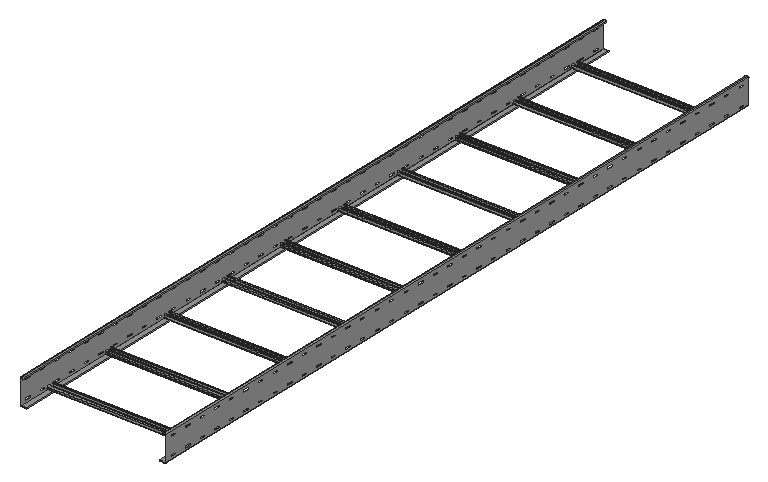
Revit family "Kabelleiter LG 116 VS 3 FT", category Generic Models, Revit 2017 (continued)
Dimensions and locks
  locked: plane 142 to Extrusion 71 sketch curve at 14
  locked: Extrusion 71 sketch curve to Extrusion 71 sketch curve at 9
  locked: plane 141 to Extrusion 71 sketch curve at 4.5
  locked: Extrusion 72 sketch curve to Extrusion 72 sketch curve at 28
  locked: plane 144 to Extrusion 72 sketch curve at 14
  locked: Extrusion 72 sketch curve to Extrusion 72 sketch curve at 9
  locked: plane 143 to Extrusion 72 sketch curve at 4.5
  locked: Extrusion 73 sketch curve to Extrusion 73 sketch curve at 28
  locked: plane 146 to Extrusion 73 sketch curve at 14
  locked: Extrusion 73 sketch curve to Extrusion 73 sketch curve at 9
  locked: plane 145 to Extrusion 73 sketch curve at 4.5
  locked: Extrusion 74 sketch curve to Extrusion 74 sketch curve at 28
  locked: plane 148 to Extrusion 74 sketch curve at 14
  locked: Extrusion 74 sketch curve to Extrusion 74 sketch curve at 9
  locked: plane 147 to Extrusion 74 sketch curve at 4.5
  locked: Extrusion 75 sketch curve to Extrusion 75 sketch curve at 28
  locked: plane 150 to Extrusion 75 sketch curve at 14
  locked: Extrusion 75 sketch curve to Extrusion 75 sketch curve at 9
  locked: plane 149 to Extrusion 75 sketch curve at 4.5
  locked: Extrusion 76 sketch curve to Extrusion 76 sketch curve at 28
  locked: plane 152 to Extrusion 76 sketch curve at 14
  locked: Extrusion 76 sketch curve to Extrusion 76 sketch curve at 9
  locked: plane 151 to Extrusion 76 sketch curve at 4.5
  locked: Extrusion 77 sketch curve to Extrusion 77 sketch curve at 28
  locked: plane 154 to Extrusion 77 sketch curve at 14
  locked: Extrusion 77 sketch curve to Extrusion 77 sketch curve at 9
  locked: plane 153 to Extrusion 77 sketch curve at 4.5
  locked: Extrusion 78 sketch curve to Extrusion 78 sketch curve at 28
  locked: plane 156 to Extrusion 78 sketch curve at 14
  locked: Extrusion 78 sketch curve to Extrusion 78 sketch curve at 9
  locked: plane 155 to Extrusion 78 sketch curve at 4.5
  locked: Extrusion 79 sketch curve to Extrusion 79 sketch curve at 28
  locked: plane 158 to Extrusion 79 sketch curve at 14
  locked: Extrusion 79 sketch curve to Extrusion 79 sketch curve at 9
  locked: plane 157 to Extrusion 79 sketch curve at 4.5
  locked: Extrusion 80 sketch curve to Extrusion 80 sketch curve at 28
  locked: plane 160 to Extrusion 80 sketch curve at 14
  locked: Extrusion 80 sketch curve to Extrusion 80 sketch curve at 9
  locked: plane 159 to Extrusion 80 sketch curve at 4.5
  locked: Extrusion 81 sketch curve to Extrusion 81 sketch curve at 28
  locked: plane 162 to Extrusion 81 sketch curve at 14
  locked: Extrusion 81 sketch curve to Extrusion 81 sketch curve at 9
  locked: plane 161 to Extrusion 81 sketch curve at 4.5
  locked: Extrusion 82 sketch curve to Extrusion 82 sketch curve at 28
  locked: plane 164 to Extrusion 82 sketch curve at 14
  locked: Extrusion 82 sketch curve to Extrusion 82 sketch curve at 9
  locked: plane 163 to Extrusion 82 sketch curve at 4.5
  locked: Extrusion 83 sketch curve to Extrusion 83 sketch curve at 28
  locked: plane 166 to Extrusion 83 sketch curve at 14
  locked: Extrusion 83 sketch curve to Extrusion 83 sketch curve at 9
  locked: plane 165 to Extrusion 83 sketch curve at 4.5
  locked: Extrusion 84 sketch curve to Extrusion 84 sketch curve at 28
  locked: plane 168 to Extrusion 84 sketch curve at 14
  locked: Extrusion 84 sketch curve to Extrusion 84 sketch curve at 9
  locked: plane 167 to Extrusion 84 sketch curve at 4.5
  locked: Extrusion 85 sketch curve to Extrusion 85 sketch curve at 28
  locked: plane 170 to Extrusion 85 sketch curve at 14
  locked: Extrusion 85 sketch curve to Extrusion 85 sketch curve at 9
  locked: plane 169 to Extrusion 85 sketch curve at 4.5
  locked: Extrusion 86 sketch curve to Extrusion 86 sketch curve at 28
  locked: plane 172 to Extrusion 86 sketch curve at 14
  locked: Extrusion 86 sketch curve to Extrusion 86 sketch curve at 9
  locked: plane 171 to Extrusion 86 sketch curve at 4.5
  locked: Extrusion 87 sketch curve to Extrusion 87 sketch curve at 28
  locked: plane 174 to Extrusion 87 sketch curve at 14
  locked: Extrusion 87 sketch curve to Extrusion 87 sketch curve at 9
  locked: plane 173 to Extrusion 87 sketch curve at 4.5
  locked: Extrusion 88 sketch curve to Extrusion 88 sketch curve at 28
  locked: plane 176 to Extrusion 88 sketch curve at 14
  locked: Extrusion 88 sketch curve to Extrusion 88 sketch curve at 9
  locked: plane 175 to Extrusion 88 sketch curve at 4.5
  locked: Extrusion 89 sketch curve to Extrusion 89 sketch curve at 28
  locked: plane 178 to Extrusion 89 sketch curve at 14
  locked: Extrusion 89 sketch curve to Extrusion 89 sketch curve at 9
  locked: plane 177 to Extrusion 89 sketch curve at 4.5
  locked: Extrusion 90 sketch curve to Extrusion 90 sketch curve at 28
  locked: plane 180 to Extrusion 90 sketch curve at 14
  locked: Extrusion 90 sketch curve to Extrusion 90 sketch curve at 9
  locked: plane 179 to Extrusion 90 sketch curve at 4.5
  locked: Extrusion 91 sketch curve to Extrusion 91 sketch curve at 28
  locked: plane 182 to Extrusion 91 sketch curve at 14
  locked: Extrusion 91 sketch curve to Extrusion 91 sketch curve at 9
  locked: plane 181 to Extrusion 91 sketch curve at 4.5
  cut or joined group 1 (Extrusion 1, Extrusion 12, Extrusion 13, Extrusion 14, Extrusion 15, Extrusion 16, Extrusion 17, Extrusion 18, Extrusion 19, Extrusion 20, Extrusion 21, Extrusion 22, Extrusion 23, Extrusion 24, Extrusion 25, Extrusion 26, Extrusion 27, Extrusion 28, Extrusion 29, Extrusion 30, Extrusion 31, Extrusion 32, Extrusion 33, Extrusion 34, Extrusion 35, Extrusion 36, Extrusion 37, Extrusion 38, Extrusion 39, Extrusion 40, Extrusion 41, Extrusion 42, Extrusion 43, Extrusion 44, Extrusion 45, Extrusion 46, Extrusion 47, Extrusion 48, Extrusion 49, Extrusion 50, Extrusion 51, Extrusion 52, Extrusion 53, Extrusion 54, Extrusion 55, Extrusion 56, Extrusion 57, Extrusion 58, Extrusion 59, Extrusion 60, Extrusion 61, Extrusion 62, Extrusion 63, Extrusion 64, Extrusion 65, Extrusion 66, Extrusion 67, Extrusion 68, Extrusion 69, Extrusion 70, Extrusion 71, Extrusion 72, Extrusion 73, Extrusion 74, Extrusion 75, Extrusion 76, Extrusion 77, Extrusion 78, Extrusion 79, Extrusion 80, Extrusion 81, Extrusion 82, Extrusion 83, Extrusion 84, Extrusion 85, Extrusion 86, Extrusion 87, Extrusion 88, Extrusion 89, Extrusion 90, Extrusion 91, Extrusion 92, Extrusion 93, Extrusion 94, Extrusion 95, Extrusion 96, Extrusion 97, Extrusion 98, Extrusion 99, Extrusion 100, Extrusion 101, Extrusion 102, Extrusion 103, Extrusion 104, Extrusion 105, Extrusion 106, Extrusion 107, Extrusion 108, Extrusion 109, Extrusion 110, Extrusion 111, Extrusion 112, Extrusion 113, Extrusion 114, Extrusion 115, Extrusion 116, Extrusion 117, Extrusion 118, Extrusion 119, Extrusion 120, Extrusion 121, Extrusion 122, Extrusion 123, Extrusion 124, Extrusion 125, Extrusion 126, Extrusion 127, Extrusion 128, Extrusion 129, Extrusion 130, Extrusion 131, Extrusion 132, Extrusion 133, Extrusion 134, Extrusion 135, Extrusion 136, Extrusion 137, Extrusion 138, Extrusion 139, Extrusion 140, Extrusion 141, Extrusion 142, Extrusion 143, Extrusion 144, Extrusion 145, Extrusion 146, Extrusion 147, Extrusion 148, Extrusion 149, Extrusion 150, Extrusion 151, Extrusion 152, Extrusion 153, Extrusion 154, Extrusion 155, Extrusion 156, Extrusion 157, Extrusion 158, Extrusion 159, Extrusion 160, Extrusion 161, Extrusion 162, Extrusion 163, Extrusion 164, Extrusion 165, Extrusion 166, Extrusion 167, Extrusion 168, Extrusion 169, Extrusion 170, Extrusion 171) to plane 184 = 14 mm
  locked: Extrusion 92 sketch curve to Extrusion 92 sketch curve at 9
  locked: plane 184 to Extrusion 92 sketch curve at 4.5
  locked: Extrusion 92 sketch curve to Extrusion 92 sketch curve at 28
  locked: plane 183 to Extrusion 92 sketch curve at 14
  locked: Extrusion 93 sketch curve to Extrusion 93 sketch curve at 9
  locked: plane 186 to Extrusion 93 sketch curve at 4.5
  locked: Extrusion 93 sketch curve to Extrusion 93 sketch curve at 28
  locked: plane 185 to Extrusion 93 sketch curve at 14
  locked: Extrusion 94 sketch curve to Extrusion 94 sketch curve at 9
  locked: plane 188 to Extrusion 94 sketch curve at 4.5
  locked: Extrusion 94 sketch curve to Extrusion 94 sketch curve at 28
  locked: plane 187 to Extrusion 94 sketch curve at 14
  locked: Extrusion 95 sketch curve to Extrusion 95 sketch curve at 9
  locked: plane 190 to Extrusion 95 sketch curve at 4.5
  locked: Extrusion 95 sketch curve to Extrusion 95 sketch curve at 28
  locked: plane 189 to Extrusion 95 sketch curve at 14
  equal spacing: group 41, group 42, group 43, group 44, group 45, group 46, group 47, group 48, group 49, group 50, group 51, group 52, group 53, group 54, group 55, group 56, group 57, group 58, group 59, group 60, group 61, group 62, group 63, group 64, group 65, group 66, group 67, group 68, group 69, group 70, group 71, group 72, group 73, group 74, group 75, group 76, group 77, group 78, group 79, group 80  (x3)
  locked: Extrusion 96 sketch curve to Extrusion 96 sketch curve at 9
  locked: plane 192 to Extrusion 96 sketch curve at 4.5
  locked: Extrusion 96 sketch curve to Extrusion 96 sketch curve at 28
  locked: plane 191 to Extrusion 96 sketch curve at 14
  locked: Extrusion 97 sketch curve to Extrusion 97 sketch curve at 9
  locked: plane 194 to Extrusion 97 sketch curve at 4.5
  locked: Extrusion 97 sketch curve to Extrusion 97 sketch curve at 28
  locked: plane 193 to Extrusion 97 sketch curve at 14
  locked: Extrusion 98 sketch curve to Extrusion 98 sketch curve at 9
  locked: plane 196 to Extrusion 98 sketch curve at 4.5
  locked: Extrusion 98 sketch curve to Extrusion 98 sketch curve at 28
  locked: plane 195 to Extrusion 98 sketch curve at 14
  locked: Extrusion 99 sketch curve to Extrusion 99 sketch curve at 9
  locked: plane 198 to Extrusion 99 sketch curve at 4.5
  locked: Extrusion 99 sketch curve to Extrusion 99 sketch curve at 28
  locked: plane 197 to Extrusion 99 sketch curve at 14
  locked: Extrusion 100 sketch curve to Extrusion 100 sketch curve at 9
  locked: plane 200 to Extrusion 100 sketch curve at 4.5
  locked: Extrusion 100 sketch curve to Extrusion 100 sketch curve at 28
  locked: plane 199 to Extrusion 100 sketch curve at 14
  locked: Extrusion 101 sketch curve to Extrusion 101 sketch curve at 9
  locked: plane 202 to Extrusion 101 sketch curve at 4.5
  locked: Extrusion 101 sketch curve to Extrusion 101 sketch curve at 28
  locked: plane 201 to Extrusion 101 sketch curve at 14
  locked: Extrusion 102 sketch curve to Extrusion 102 sketch curve at 9
  locked: plane 204 to Extrusion 102 sketch curve at 4.5
  locked: Extrusion 102 sketch curve to Extrusion 102 sketch curve at 28
  locked: plane 203 to Extrusion 102 sketch curve at 14
  locked: Extrusion 103 sketch curve to Extrusion 103 sketch curve at 9
  locked: plane 206 to Extrusion 103 sketch curve at 4.5
  locked: Extrusion 103 sketch curve to Extrusion 103 sketch curve at 28
  locked: plane 205 to Extrusion 103 sketch curve at 14
  locked: Extrusion 104 sketch curve to Extrusion 104 sketch curve at 9
  locked: plane 208 to Extrusion 104 sketch curve at 4.5
  locked: Extrusion 104 sketch curve to Extrusion 104 sketch curve at 28
  locked: plane 207 to Extrusion 104 sketch curve at 14
  locked: Extrusion 105 sketch curve to Extrusion 105 sketch curve at 9
  locked: plane 210 to Extrusion 105 sketch curve at 4.5
  locked: Extrusion 105 sketch curve to Extrusion 105 sketch curve at 28
  locked: plane 209 to Extrusion 105 sketch curve at 14
  locked: Extrusion 106 sketch curve to Extrusion 106 sketch curve at 9
  locked: plane 212 to Extrusion 106 sketch curve at 4.5
  locked: Extrusion 106 sketch curve to Extrusion 106 sketch curve at 28
  locked: plane 211 to Extrusion 106 sketch curve at 14
  locked: Extrusion 107 sketch curve to Extrusion 107 sketch curve at 9
  locked: plane 214 to Extrusion 107 sketch curve at 4.5
  locked: Extrusion 107 sketch curve to Extrusion 107 sketch curve at 28
  locked: plane 213 to Extrusion 107 sketch curve at 14
  locked: Extrusion 108 sketch curve to Extrusion 108 sketch curve at 9
  locked: plane 216 to Extrusion 108 sketch curve at 4.5
  locked: Extrusion 108 sketch curve to Extrusion 108 sketch curve at 28
  locked: plane 215 to Extrusion 108 sketch curve at 14
  locked: Extrusion 109 sketch curve to Extrusion 109 sketch curve at 9
  locked: plane 218 to Extrusion 109 sketch curve at 4.5
  locked: Extrusion 109 sketch curve to Extrusion 109 sketch curve at 28
  locked: plane 217 to Extrusion 109 sketch curve at 14
  locked: Extrusion 110 sketch curve to Extrusion 110 sketch curve at 9
  locked: plane 220 to Extrusion 110 sketch curve at 4.5
  locked: Extrusion 110 sketch curve to Extrusion 110 sketch curve at 28
  locked: plane 219 to Extrusion 110 sketch curve at 14
  locked: Extrusion 111 sketch curve to Extrusion 111 sketch curve at 9
  locked: plane 222 to Extrusion 111 sketch curve at 4.5
  locked: Extrusion 111 sketch curve to Extrusion 111 sketch curve at 28
  locked: plane 221 to Extrusion 111 sketch curve at 14
  locked: Extrusion 112 sketch curve to Extrusion 112 sketch curve at 9
  locked: plane 224 to Extrusion 112 sketch curve at 4.5
  locked: Extrusion 112 sketch curve to Extrusion 112 sketch curve at 28
  locked: plane 223 to Extrusion 112 sketch curve at 14
  locked: Extrusion 113 sketch curve to Extrusion 113 sketch curve at 9
  locked: plane 226 to Extrusion 113 sketch curve at 4.5
  locked: Extrusion 113 sketch curve to Extrusion 113 sketch curve at 28
  locked: plane 225 to Extrusion 113 sketch curve at 14
  locked: Extrusion 114 sketch curve to Extrusion 114 sketch curve at 9
  locked: plane 228 to Extrusion 114 sketch curve at 4.5
  locked: Extrusion 114 sketch curve to Extrusion 114 sketch curve at 28
  locked: plane 227 to Extrusion 114 sketch curve at 14
  locked: Extrusion 115 sketch curve to Extrusion 115 sketch curve at 9
  locked: plane 230 to Extrusion 115 sketch curve at 4.5
  locked: Extrusion 115 sketch curve to Extrusion 115 sketch curve at 28
  locked: plane 229 to Extrusion 115 sketch curve at 14
  locked: Extrusion 116 sketch curve to Extrusion 116 sketch curve at 9
  locked: plane 232 to Extrusion 116 sketch curve at 4.5
  locked: Extrusion 116 sketch curve to Extrusion 116 sketch curve at 28
  locked: plane 231 to Extrusion 116 sketch curve at 14
  locked: Extrusion 117 sketch curve to Extrusion 117 sketch curve at 9
  locked: plane 234 to Extrusion 117 sketch curve at 4.5
  locked: Extrusion 117 sketch curve to Extrusion 117 sketch curve at 28
  locked: plane 233 to Extrusion 117 sketch curve at 14
  locked: Extrusion 118 sketch curve to Extrusion 118 sketch curve at 9
  locked: plane 236 to Extrusion 118 sketch curve at 4.5
  locked: Extrusion 118 sketch curve to Extrusion 118 sketch curve at 28
  locked: plane 235 to Extrusion 118 sketch curve at 14
  locked: Extrusion 119 sketch curve to Extrusion 119 sketch curve at 9
  locked: plane 238 to Extrusion 119 sketch curve at 4.5
  locked: Extrusion 119 sketch curve to Extrusion 119 sketch curve at 28
  locked: plane 237 to Extrusion 119 sketch curve at 14
  locked: Extrusion 120 sketch curve to Extrusion 120 sketch curve at 9
  locked: plane 240 to Extrusion 120 sketch curve at 4.5
  locked: Extrusion 120 sketch curve to Extrusion 120 sketch curve at 28
  locked: plane 239 to Extrusion 120 sketch curve at 14
  locked: Extrusion 121 sketch curve to Extrusion 121 sketch curve at 9
  locked: plane 242 to Extrusion 121 sketch curve at 4.5
  locked: Extrusion 121 sketch curve to Extrusion 121 sketch curve at 28
  locked: plane 241 to Extrusion 121 sketch curve at 14
  locked: Extrusion 122 sketch curve to Extrusion 122 sketch curve at 9
  locked: plane 244 to Extrusion 122 sketch curve at 4.5
  locked: Extrusion 122 sketch curve to Extrusion 122 sketch curve at 28
  locked: plane 243 to Extrusion 122 sketch curve at 14
  locked: Extrusion 123 sketch curve to Extrusion 123 sketch curve at 9
  locked: plane 246 to Extrusion 123 sketch curve at 4.5
  locked: Extrusion 123 sketch curve to Extrusion 123 sketch curve at 28
  locked: plane 245 to Extrusion 123 sketch curve at 14
  locked: Extrusion 124 sketch curve to Extrusion 124 sketch curve at 9
  locked: plane 248 to Extrusion 124 sketch curve at 4.5
  locked: Extrusion 124 sketch curve to Extrusion 124 sketch curve at 28
  locked: plane 247 to Extrusion 124 sketch curve at 14
  locked: Extrusion 125 sketch curve to Extrusion 125 sketch curve at 9
  locked: plane 250 to Extrusion 125 sketch curve at 4.5
  locked: Extrusion 125 sketch curve to Extrusion 125 sketch curve at 28
  locked: plane 249 to Extrusion 125 sketch curve at 14
  locked: Extrusion 126 sketch curve to Extrusion 126 sketch curve at 9
  locked: plane 252 to Extrusion 126 sketch curve at 4.5
  locked: Extrusion 126 sketch curve to Extrusion 126 sketch curve at 28
  locked: plane 251 to Extrusion 126 sketch curve at 14
  locked: Extrusion 127 sketch curve to Extrusion 127 sketch curve at 9
  locked: plane 254 to Extrusion 127 sketch curve at 4.5
  locked: Extrusion 127 sketch curve to Extrusion 127 sketch curve at 28
  locked: plane 253 to Extrusion 127 sketch curve at 14
  locked: Extrusion 128 sketch curve to Extrusion 128 sketch curve at 9
  locked: plane 256 to Extrusion 128 sketch curve at 4.5
  locked: Extrusion 128 sketch curve to Extrusion 128 sketch curve at 28
  locked: plane 255 to Extrusion 128 sketch curve at 14
  locked: Extrusion 129 sketch curve to Extrusion 129 sketch curve at 9
  locked: plane 258 to Extrusion 129 sketch curve at 4.5
  locked: Extrusion 129 sketch curve to Extrusion 129 sketch curve at 28
  locked: plane 257 to Extrusion 129 sketch curve at 14
  locked: Extrusion 130 sketch curve to Extrusion 130 sketch curve at 9
  locked: plane 260 to Extrusion 130 sketch curve at 4.5
  locked: Extrusion 130 sketch curve to Extrusion 130 sketch curve at 28
  locked: plane 259 to Extrusion 130 sketch curve at 14
  locked: Extrusion 131 sketch curve to Extrusion 131 sketch curve at 9
  locked: plane 262 to Extrusion 131 sketch curve at 4.5
  locked: Extrusion 131 sketch curve to Extrusion 131 sketch curve at 28
  locked: plane 261 to Extrusion 131 sketch curve at 14
  locked: Extrusion 132 sketch curve to Extrusion 132 sketch curve at 9
  locked: plane 264 to Extrusion 132 sketch curve at 4.5
  locked: Extrusion 132 sketch curve to Extrusion 132 sketch curve at 28
  locked: plane 263 to Extrusion 132 sketch curve at 14
  locked: Extrusion 133 sketch curve to Extrusion 133 sketch curve at 9
  locked: plane 266 to Extrusion 133 sketch curve at 4.5
  locked: Extrusion 133 sketch curve to Extrusion 133 sketch curve at 28
  locked: plane 265 to Extrusion 133 sketch curve at 14
  locked: Extrusion 134 sketch curve to Extrusion 134 sketch curve at 9
  locked: plane 268 to Extrusion 134 sketch curve at 4.5
  locked: Extrusion 134 sketch curve to Extrusion 134 sketch curve at 28
  locked: plane 267 to Extrusion 134 sketch curve at 14
  locked: Extrusion 135 sketch curve to Extrusion 135 sketch curve at 9
  locked: plane 270 to Extrusion 135 sketch curve at 4.5
  locked: Extrusion 135 sketch curve to Extrusion 135 sketch curve at 28
  locked: plane 269 to Extrusion 135 sketch curve at 14
  locked: Extrusion 136 sketch curve to Extrusion 136 sketch curve at 9
  locked: plane 272 to Extrusion 136 sketch curve at 4.5
  locked: Extrusion 136 sketch curve to Extrusion 136 sketch curve at 28
  locked: plane 271 to Extrusion 136 sketch curve at 14
  locked: Extrusion 137 sketch curve to Extrusion 137 sketch curve at 9
  locked: plane 274 to Extrusion 137 sketch curve at 4.5
  locked: Extrusion 137 sketch curve to Extrusion 137 sketch curve at 28
  locked: plane 273 to Extrusion 137 sketch curve at 14
  locked: Extrusion 138 sketch curve to Extrusion 138 sketch curve at 9
  locked: plane 276 to Extrusion 138 sketch curve at 4.5
  locked: Extrusion 138 sketch curve to Extrusion 138 sketch curve at 28
  locked: plane 275 to Extrusion 138 sketch curve at 14
  locked: Extrusion 139 sketch curve to Extrusion 139 sketch curve at 9
  locked: plane 278 to Extrusion 139 sketch curve at 4.5
  locked: Extrusion 139 sketch curve to Extrusion 139 sketch curve at 28
  locked: plane 277 to Extrusion 139 sketch curve at 14
  locked: Extrusion 140 sketch curve to Extrusion 140 sketch curve at 9
  locked: plane 280 to Extrusion 140 sketch curve at 4.5
  locked: Extrusion 140 sketch curve to Extrusion 140 sketch curve at 28
  locked: plane 279 to Extrusion 140 sketch curve at 14
  locked: Extrusion 141 sketch curve to Extrusion 141 sketch curve at 9
  locked: plane 282 to Extrusion 141 sketch curve at 4.5
  locked: Extrusion 141 sketch curve to Extrusion 141 sketch curve at 28
  locked: plane 281 to Extrusion 141 sketch curve at 14
  locked: Extrusion 142 sketch curve to Extrusion 142 sketch curve at 9
  locked: plane 284 to Extrusion 142 sketch curve at 4.5
  locked: Extrusion 142 sketch curve to Extrusion 142 sketch curve at 28
  locked: plane 283 to Extrusion 142 sketch curve at 14
  locked: Extrusion 143 sketch curve to Extrusion 143 sketch curve at 9
  locked: plane 286 to Extrusion 143 sketch curve at 4.5
  locked: Extrusion 143 sketch curve to Extrusion 143 sketch curve at 28
  locked: plane 285 to Extrusion 143 sketch curve at 14
  locked: Extrusion 144 sketch curve to Extrusion 144 sketch curve at 9
  locked: plane 288 to Extrusion 144 sketch curve at 4.5
  locked: Extrusion 144 sketch curve to Extrusion 144 sketch curve at 28
  locked: plane 287 to Extrusion 144 sketch curve at 14
  locked: Extrusion 145 sketch curve to Extrusion 145 sketch curve at 9
  locked: plane 290 to Extrusion 145 sketch curve at 4.5
  locked: Extrusion 145 sketch curve to Extrusion 145 sketch curve at 28
  locked: plane 289 to Extrusion 145 sketch curve at 14
  locked: Extrusion 146 sketch curve to Extrusion 146 sketch curve at 9
  locked: plane 292 to Extrusion 146 sketch curve at 4.5
  locked: Extrusion 146 sketch curve to Extrusion 146 sketch curve at 28
  locked: plane 291 to Extrusion 146 sketch curve at 14
  locked: Extrusion 147 sketch curve to Extrusion 147 sketch curve at 9
  locked: plane 294 to Extrusion 147 sketch curve at 4.5
  locked: Extrusion 147 sketch curve to Extrusion 147 sketch curve at 28
  locked: plane 293 to Extrusion 147 sketch curve at 14
  locked: Extrusion 148 sketch curve to Extrusion 148 sketch curve at 9
  locked: plane 296 to Extrusion 148 sketch curve at 4.5
  locked: Extrusion 148 sketch curve to Extrusion 148 sketch curve at 28
  locked: plane 295 to Extrusion 148 sketch curve at 14
  locked: Extrusion 149 sketch curve to Extrusion 149 sketch curve at 9
  locked: plane 298 to Extrusion 149 sketch curve at 4.5
  locked: Extrusion 149 sketch curve to Extrusion 149 sketch curve at 28
  locked: plane 297 to Extrusion 149 sketch curve at 14
  locked: Extrusion 150 sketch curve to Extrusion 150 sketch curve at 9
  locked: plane 300 to Extrusion 150 sketch curve at 4.5
  locked: Extrusion 150 sketch curve to Extrusion 150 sketch curve at 28
  locked: plane 299 to Extrusion 150 sketch curve at 14
  locked: Extrusion 151 sketch curve to Extrusion 151 sketch curve at 9
  locked: plane 302 to Extrusion 151 sketch curve at 4.5
  locked: Extrusion 151 sketch curve to Extrusion 151 sketch curve at 28
  locked: plane 301 to Extrusion 151 sketch curve at 14
  locked: Extrusion 152 sketch curve to Extrusion 152 sketch curve at 9
  locked: plane 304 to Extrusion 152 sketch curve at 4.5
  locked: Extrusion 152 sketch curve to Extrusion 152 sketch curve at 28
  locked: plane 303 to Extrusion 152 sketch curve at 14
  locked: Extrusion 153 sketch curve to Extrusion 153 sketch curve at 9
  locked: plane 306 to Extrusion 153 sketch curve at 4.5
  locked: Extrusion 153 sketch curve to Extrusion 153 sketch curve at 28
  locked: plane 305 to Extrusion 153 sketch curve at 14
  locked: Extrusion 154 sketch curve to Extrusion 154 sketch curve at 9
  locked: plane 308 to Extrusion 154 sketch curve at 4.5
  locked: Extrusion 154 sketch curve to Extrusion 154 sketch curve at 28
  locked: plane 307 to Extrusion 154 sketch curve at 14
  locked: Extrusion 155 sketch curve to Extrusion 155 sketch curve at 9
  locked: plane 310 to Extrusion 155 sketch curve at 4.5
  locked: Extrusion 155 sketch curve to Extrusion 155 sketch curve at 28
  locked: plane 309 to Extrusion 155 sketch curve at 14
  locked: Extrusion 156 sketch curve to Extrusion 156 sketch curve at 9
  locked: plane 312 to Extrusion 156 sketch curve at 4.5
  locked: Extrusion 156 sketch curve to Extrusion 156 sketch curve at 28
  locked: plane 311 to Extrusion 156 sketch curve at 14
  locked: Extrusion 157 sketch curve to Extrusion 157 sketch curve at 9
  locked: plane 314 to Extrusion 157 sketch curve at 4.5
  locked: Extrusion 157 sketch curve to Extrusion 157 sketch curve at 28
  locked: plane 313 to Extrusion 157 sketch curve at 14
  locked: Extrusion 158 sketch curve to Extrusion 158 sketch curve at 9
  locked: plane 316 to Extrusion 158 sketch curve at 4.5
  locked: Extrusion 158 sketch curve to Extrusion 158 sketch curve at 28
  locked: plane 315 to Extrusion 158 sketch curve at 14
  locked: Extrusion 159 sketch curve to Extrusion 159 sketch curve at 9
  locked: plane 318 to Extrusion 159 sketch curve at 4.5
  locked: Extrusion 159 sketch curve to Extrusion 159 sketch curve at 28
  locked: plane 317 to Extrusion 159 sketch curve at 14
  locked: Extrusion 160 sketch curve to Extrusion 160 sketch curve at 9
  locked: plane 320 to Extrusion 160 sketch curve at 4.5
  locked: Extrusion 160 sketch curve to Extrusion 160 sketch curve at 28
  locked: plane 319 to Extrusion 160 sketch curve at 14
  locked: Extrusion 161 sketch curve to Extrusion 161 sketch curve at 9
  locked: plane 322 to Extrusion 161 sketch curve at 4.5
  locked: Extrusion 161 sketch curve to Extrusion 161 sketch curve at 28
  locked: plane 321 to Extrusion 161 sketch curve at 14
  locked: Extrusion 162 sketch curve to Extrusion 162 sketch curve at 9
  locked: plane 324 to Extrusion 162 sketch curve at 4.5
  locked: Extrusion 162 sketch curve to Extrusion 162 sketch curve at 28
  locked: plane 323 to Extrusion 162 sketch curve at 14
  locked: Extrusion 163 sketch curve to Extrusion 163 sketch curve at 9
  locked: plane 326 to Extrusion 163 sketch curve at 4.5
  locked: Extrusion 163 sketch curve to Extrusion 163 sketch curve at 28
  locked: plane 325 to Extrusion 163 sketch curve at 14
  locked: Extrusion 164 sketch curve to Extrusion 164 sketch curve at 9
  locked: plane 328 to Extrusion 164 sketch curve at 4.5
  locked: Extrusion 164 sketch curve to Extrusion 164 sketch curve at 28
  locked: plane 327 to Extrusion 164 sketch curve at 14
  locked: Extrusion 165 sketch curve to Extrusion 165 sketch curve at 9
  locked: plane 330 to Extrusion 165 sketch curve at 4.5
  locked: Extrusion 165 sketch curve to Extrusion 165 sketch curve at 28
  locked: plane 329 to Extrusion 165 sketch curve at 14
  locked: Extrusion 166 sketch curve to Extrusion 166 sketch curve at 9
  locked: plane 332 to Extrusion 166 sketch curve at 4.5
  locked: Extrusion 166 sketch curve to Extrusion 166 sketch curve at 28
  locked: plane 331 to Extrusion 166 sketch curve at 14
  locked: Extrusion 167 sketch curve to Extrusion 167 sketch curve at 9
  locked: plane 334 to Extrusion 167 sketch curve at 4.5
  locked: Extrusion 167 sketch curve to Extrusion 167 sketch curve at 28
  locked: plane 333 to Extrusion 167 sketch curve at 14
  locked: Extrusion 168 sketch curve to Extrusion 168 sketch curve at 9
  locked: plane 336 to Extrusion 168 sketch curve at 4.5
  locked: Extrusion 168 sketch curve to Extrusion 168 sketch curve at 28
  locked: plane 335 to Extrusion 168 sketch curve at 14
  locked: Extrusion 169 sketch curve to Extrusion 169 sketch curve at 9
  locked: plane 338 to Extrusion 169 sketch curve at 4.5
  locked: Extrusion 169 sketch curve to Extrusion 169 sketch curve at 28
  locked: plane 337 to Extrusion 169 sketch curve at 14
  locked: Extrusion 170 sketch curve to Extrusion 170 sketch curve at 9
  locked: plane 340 to Extrusion 170 sketch curve at 4.5
  locked: Extrusion 170 sketch curve to Extrusion 170 sketch curve at 28
  locked: plane 339 to Extrusion 170 sketch curve at 14
  locked: Extrusion 171 sketch curve to Extrusion 171 sketch curve at 9
  locked: plane 342 to Extrusion 171 sketch curve at 4.5
  locked: Extrusion 171 sketch curve to Extrusion 171 sketch curve at 28
  locked: plane 341 to Extrusion 171 sketch curve at 14
  locked: Extrusion 172 sketch curve to Extrusion 172 sketch curve at 20
  locked: plane 343 to Extrusion 172 sketch curve at 10
  locked: Extrusion 172 sketch curve to Extrusion 172 sketch curve at 7
  locked: plane 344 to Extrusion 172 sketch curve at 3.5
  locked: Extrusion 173 sketch curve to Extrusion 173 sketch curve at 20
  locked: plane 345 to Extrusion 173 sketch curve at 10
  locked: Extrusion 173 sketch curve to Extrusion 173 sketch curve at 7
  locked: plane 346 to Extrusion 173 sketch curve at 3.5
  locked: Extrusion 174 sketch curve to Extrusion 174 sketch curve at 20
  locked: plane 347 to Extrusion 174 sketch curve at 10
  locked: Extrusion 174 sketch curve to Extrusion 174 sketch curve at 7
  locked: plane 348 to Extrusion 174 sketch curve at 3.5
  locked: Extrusion 175 sketch curve to Extrusion 175 sketch curve at 20
  locked: plane 349 to Extrusion 175 sketch curve at 10
  locked: Extrusion 175 sketch curve to Extrusion 175 sketch curve at 7
  locked: plane 350 to Extrusion 175 sketch curve at 3.5
  locked: Extrusion 176 sketch curve to Extrusion 176 sketch curve at 20
  locked: plane 351 to Extrusion 176 sketch curve at 10
  locked: Extrusion 176 sketch curve to Extrusion 176 sketch curve at 7
  locked: plane 352 to Extrusion 176 sketch curve at 3.5
  locked: Extrusion 177 sketch curve to Extrusion 177 sketch curve at 20
  locked: plane 353 to Extrusion 177 sketch curve at 10
  locked: Extrusion 177 sketch curve to Extrusion 177 sketch curve at 7
  locked: plane 354 to Extrusion 177 sketch curve at 3.5
  locked: Extrusion 178 sketch curve to Extrusion 178 sketch curve at 20
  locked: plane 355 to Extrusion 178 sketch curve at 10
  locked: Extrusion 178 sketch curve to Extrusion 178 sketch curve at 7
  locked: plane 356 to Extrusion 178 sketch curve at 3.5
  locked: Extrusion 179 sketch curve to Extrusion 179 sketch curve at 20
  locked: plane 357 to Extrusion 179 sketch curve at 10
  locked: Extrusion 179 sketch curve to Extrusion 179 sketch curve at 7
  locked: plane 358 to Extrusion 179 sketch curve at 3.5
  locked: Extrusion 180 sketch curve to Extrusion 180 sketch curve at 20
  locked: plane 359 to Extrusion 180 sketch curve at 10
  locked: Extrusion 180 sketch curve to Extrusion 180 sketch curve at 7
  locked: plane 360 to Extrusion 180 sketch curve at 3.5
  locked: Extrusion 181 sketch curve to Extrusion 181 sketch curve at 20
  locked: plane 361 to Extrusion 181 sketch curve at 10
  locked: Extrusion 181 sketch curve to Extrusion 181 sketch curve at 7
  locked: plane 362 to Extrusion 181 sketch curve at 3.5
  locked: Extrusion 182 sketch curve to Extrusion 182 sketch curve at 20
  locked: plane 363 to Extrusion 182 sketch curve at 10
  locked: Extrusion 182 sketch curve to Extrusion 182 sketch curve at 7
  locked: plane 364 to Extrusion 182 sketch curve at 3.5
  locked: Extrusion 183 sketch curve to Extrusion 183 sketch curve at 20
  locked: plane 365 to Extrusion 183 sketch curve at 10
  locked: Extrusion 183 sketch curve to Extrusion 183 sketch curve at 7
  locked: plane 366 to Extrusion 183 sketch curve at 3.5
  locked: Extrusion 184 sketch curve to Extrusion 184 sketch curve at 20
  locked: plane 367 to Extrusion 184 sketch curve at 10
  locked: Extrusion 184 sketch curve to Extrusion 184 sketch curve at 7
  locked: plane 368 to Extrusion 184 sketch curve at 3.5
  locked: Extrusion 185 sketch curve to Extrusion 185 sketch curve at 20
  locked: plane 369 to Extrusion 185 sketch curve at 10
  locked: Extrusion 185 sketch curve to Extrusion 185 sketch curve at 7
  locked: plane 370 to Extrusion 185 sketch curve at 3.5
  locked: Extrusion 186 sketch curve to Extrusion 186 sketch curve at 20
  locked: plane 371 to Extrusion 186 sketch curve at 10
  locked: Extrusion 186 sketch curve to Extrusion 186 sketch curve at 7
  locked: plane 372 to Extrusion 186 sketch curve at 3.5
  locked: Extrusion 187 sketch curve to Extrusion 187 sketch curve at 20
  locked: plane 373 to Extrusion 187 sketch curve at 10
  locked: Extrusion 187 sketch curve to Extrusion 187 sketch curve at 7
  locked: plane 374 to Extrusion 187 sketch curve at 3.5
  locked: Extrusion 188 sketch curve to Extrusion 188 sketch curve at 20
  locked: plane 375 to Extrusion 188 sketch curve at 10
  locked: Extrusion 188 sketch curve to Extrusion 188 sketch curve at 7
  locked: plane 376 to Extrusion 188 sketch curve at 3.5
  locked: Extrusion 189 sketch curve to Extrusion 189 sketch curve at 20
  locked: plane 377 to Extrusion 189 sketch curve at 10
  locked: Extrusion 189 sketch curve to Extrusion 189 sketch curve at 7
  locked: plane 378 to Extrusion 189 sketch curve at 3.5
  locked: Extrusion 190 sketch curve to Extrusion 190 sketch curve at 20
  locked: plane 379 to Extrusion 190 sketch curve at 10
  locked: Extrusion 190 sketch curve to Extrusion 190 sketch curve at 7
  locked: plane 380 to Extrusion 190 sketch curve at 3.5
  locked: Extrusion 191 sketch curve to Extrusion 191 sketch curve at 7
  locked: plane 381 to Extrusion 191 sketch curve at 3.5
  locked: Extrusion 191 sketch curve to Extrusion 191 sketch curve at 20
  Extrusion 191 sketch curve to plane 382 = 10 mm
  locked: Extrusion 192 sketch curve to Extrusion 192 sketch curve at 7
  locked: plane 383 to Extrusion 192 sketch curve at 3.5
  locked: Extrusion 192 sketch curve to Extrusion 192 sketch curve at 20
  Extrusion 192 sketch curve to plane 384 = 10 mm
  equal spacing: group 81, group 82, group 83, group 84, group 85, group 86, group 87, group 88, group 89, group 90, group 91  (x3)
  locked: Extrusion 193 sketch curve to Extrusion 193 sketch curve at 7
  locked: plane 385 to Extrusion 193 sketch curve at 3.5
  locked: Extrusion 193 sketch curve to Extrusion 193 sketch curve at 20
  Extrusion 193 sketch curve to plane 386 = 10 mm
  locked: Extrusion 194 sketch curve to Extrusion 194 sketch curve at 7
  locked: plane 387 to Extrusion 194 sketch curve at 3.5
  locked: Extrusion 194 sketch curve to Extrusion 194 sketch curve at 20
  Extrusion 194 sketch curve to plane 388 = 10 mm
  locked: Extrusion 195 sketch curve to Extrusion 195 sketch curve at 7
  locked: plane 389 to Extrusion 195 sketch curve at 3.5
  locked: Extrusion 195 sketch curve to Extrusion 195 sketch curve at 20
  Extrusion 195 sketch curve to plane 390 = 10 mm
  locked: Extrusion 196 sketch curve to Extrusion 196 sketch curve at 7
  locked: plane 391 to Extrusion 196 sketch curve at 3.5
  locked: Extrusion 196 sketch curve to Extrusion 196 sketch curve at 20
  Extrusion 196 sketch curve to plane 392 = 10 mm
  locked: Extrusion 197 sketch curve to Extrusion 197 sketch curve at 7
  locked: plane 393 to Extrusion 197 sketch curve at 3.5
  locked: Extrusion 197 sketch curve to Extrusion 197 sketch curve at 20
  Extrusion 197 sketch curve to plane 394 = 10 mm
  locked: Extrusion 198 sketch curve to Extrusion 198 sketch curve at 7
  locked: plane 395 to Extrusion 198 sketch curve at 3.5
  locked: Extrusion 198 sketch curve to Extrusion 198 sketch curve at 20
  Extrusion 198 sketch curve to plane 396 = 10 mm
  locked: Extrusion 199 sketch curve to Extrusion 199 sketch curve at 7
  locked: plane 397 to Extrusion 199 sketch curve at 3.5
  locked: Extrusion 199 sketch curve to Extrusion 199 sketch curve at 20
  Extrusion 199 sketch curve to plane 398 = 10 mm
  locked: Extrusion 200 sketch curve to Extrusion 200 sketch curve at 7
  locked: plane 399 to Extrusion 200 sketch curve at 3.5
  locked: Extrusion 200 sketch curve to Extrusion 200 sketch curve at 20
  Extrusion 200 sketch curve to plane 400 = 10 mm
  locked: Extrusion 201 sketch curve to Extrusion 201 sketch curve at 7
  locked: plane 401 to Extrusion 201 sketch curve at 3.5
  locked: Extrusion 201 sketch curve to Extrusion 201 sketch curve at 20
  Extrusion 201 sketch curve to plane 402 = 10 mm
  locked: Extrusion 202 sketch curve to Extrusion 202 sketch curve at 20
  locked: plane 403 to Extrusion 202 sketch curve at 10
  locked: Extrusion 202 sketch curve to Extrusion 202 sketch curve at 7
  locked: plane 404 to Extrusion 202 sketch curve at 3.5
  equal spacing: group 92, group 93, group 94, group 95, group 96, group 97, group 98, group 99, group 100, group 101, group 102  (x3)
  locked: Extrusion 203 sketch curve to Extrusion 203 sketch curve at 20
  locked: plane 405 to Extrusion 203 sketch curve at 10
  locked: Extrusion 203 sketch curve to Extrusion 203 sketch curve at 7
  locked: plane 406 to Extrusion 203 sketch curve at 3.5
  locked: Extrusion 204 sketch curve to Extrusion 204 sketch curve at 20
  locked: plane 407 to Extrusion 204 sketch curve at 10
  locked: Extrusion 204 sketch curve to Extrusion 204 sketch curve at 7
  locked: plane 408 to Extrusion 204 sketch curve at 3.5
  locked: Extrusion 205 sketch curve to Extrusion 205 sketch curve at 20
  locked: plane 409 to Extrusion 205 sketch curve at 10
  locked: Extrusion 205 sketch curve to Extrusion 205 sketch curve at 7
  locked: plane 410 to Extrusion 205 sketch curve at 3.5
  locked: Extrusion 206 sketch curve to Extrusion 206 sketch curve at 20
  locked: plane 411 to Extrusion 206 sketch curve at 10
  locked: Extrusion 206 sketch curve to Extrusion 206 sketch curve at 7
  locked: plane 412 to Extrusion 206 sketch curve at 3.5
  locked: Extrusion 207 sketch curve to Extrusion 207 sketch curve at 20
  locked: plane 413 to Extrusion 207 sketch curve at 10
  locked: Extrusion 207 sketch curve to Extrusion 207 sketch curve at 7
  locked: plane 414 to Extrusion 207 sketch curve at 3.5
  locked: Extrusion 208 sketch curve to Extrusion 208 sketch curve at 20
  locked: plane 415 to Extrusion 208 sketch curve at 10
  locked: Extrusion 208 sketch curve to Extrusion 208 sketch curve at 7
  locked: plane 416 to Extrusion 208 sketch curve at 3.5
  locked: Extrusion 209 sketch curve to Extrusion 209 sketch curve at 20
  locked: plane 417 to Extrusion 209 sketch curve at 10
  locked: Extrusion 209 sketch curve to Extrusion 209 sketch curve at 7
  locked: plane 418 to Extrusion 209 sketch curve at 3.5
  locked: Extrusion 210 sketch curve to Extrusion 210 sketch curve at 20
  locked: plane 419 to Extrusion 210 sketch curve at 10
  locked: Extrusion 210 sketch curve to Extrusion 210 sketch curve at 7
  locked: plane 420 to Extrusion 210 sketch curve at 3.5
  locked: Extrusion 211 sketch curve to Extrusion 211 sketch curve at 20
  locked: plane 421 to Extrusion 211 sketch curve at 10
  locked: Extrusion 211 sketch curve to Extrusion 211 sketch curve at 7
  locked: plane 422 to Extrusion 211 sketch curve at 3.5
  locked: Extrusion 212 sketch curve to Extrusion 212 sketch curve at 20
  locked: plane 423 to Extrusion 212 sketch curve at 10
  locked: Extrusion 212 sketch curve to Extrusion 212 sketch curve at 7
  locked: plane 424 to Extrusion 212 sketch curve at 3.5
  equal spacing: group 103, group 104, group 105, group 106, group 107, group 108, group 109, group 110, group 111, group 112, group 113  (x3)
  locked: Extrusion 213 sketch curve to Extrusion 213 sketch curve at 20
  locked: plane 425 to Extrusion 213 sketch curve at 10
  locked: Extrusion 213 sketch curve to Extrusion 213 sketch curve at 7
  locked: plane 426 to Extrusion 213 sketch curve at 3.5
  locked: Extrusion 214 sketch curve to Extrusion 214 sketch curve at 20
  locked: plane 427 to Extrusion 214 sketch curve at 10
  locked: Extrusion 214 sketch curve to Extrusion 214 sketch curve at 7
  locked: plane 428 to Extrusion 214 sketch curve at 3.5
  locked: Extrusion 215 sketch curve to Extrusion 215 sketch curve at 20
  locked: plane 429 to Extrusion 215 sketch curve at 10
  locked: Extrusion 215 sketch curve to Extrusion 215 sketch curve at 7
  locked: plane 430 to Extrusion 215 sketch curve at 3.5
  locked: Extrusion 216 sketch curve to Extrusion 216 sketch curve at 20
  locked: plane 431 to Extrusion 216 sketch curve at 10
  locked: Extrusion 216 sketch curve to Extrusion 216 sketch curve at 7
  locked: plane 432 to Extrusion 216 sketch curve at 3.5
  locked: Extrusion 217 sketch curve to Extrusion 217 sketch curve at 20
  locked: plane 433 to Extrusion 217 sketch curve at 10
  locked: Extrusion 217 sketch curve to Extrusion 217 sketch curve at 7
  locked: plane 434 to Extrusion 217 sketch curve at 3.5
  locked: Extrusion 218 sketch curve to Extrusion 218 sketch curve at 20
  locked: plane 435 to Extrusion 218 sketch curve at 10
  locked: Extrusion 218 sketch curve to Extrusion 218 sketch curve at 7
  locked: plane 436 to Extrusion 218 sketch curve at 3.5
  locked: Extrusion 219 sketch curve to Extrusion 219 sketch curve at 20
  locked: plane 437 to Extrusion 219 sketch curve at 10
  locked: Extrusion 219 sketch curve to Extrusion 219 sketch curve at 7
  locked: plane 438 to Extrusion 219 sketch curve at 3.5
  locked: Extrusion 220 sketch curve to Extrusion 220 sketch curve at 20
  locked: plane 439 to Extrusion 220 sketch curve at 10
  locked: Extrusion 220 sketch curve to Extrusion 220 sketch curve at 7
  locked: plane 440 to Extrusion 220 sketch curve at 3.5
  locked: Extrusion 221 sketch curve to Extrusion 221 sketch curve at 20
  locked: plane 441 to Extrusion 221 sketch curve at 10
  locked: Extrusion 221 sketch curve to Extrusion 221 sketch curve at 7
  locked: plane 442 to Extrusion 221 sketch curve at 3.5
  locked: Extrusion 222 sketch curve to Extrusion 222 sketch curve at 20
  locked: plane 443 to Extrusion 222 sketch curve at 10
  locked: Extrusion 222 sketch curve to Extrusion 222 sketch curve at 7
  locked: plane 444 to Extrusion 222 sketch curve at 3.5
  equal spacing: group 114, group 115, group 116, group 117, group 118, group 119, group 120, group 121, group 122, group 123, group 124  (x3)
  locked: Extrusion 223 sketch curve to Extrusion 223 sketch curve at 20
  locked: plane 445 to Extrusion 223 sketch curve at 10
  locked: Extrusion 223 sketch curve to Extrusion 223 sketch curve at 7
  locked: plane 446 to Extrusion 223 sketch curve at 3.5
  locked: Extrusion 224 sketch curve to Extrusion 224 sketch curve at 20
  locked: plane 447 to Extrusion 224 sketch curve at 10
  locked: Extrusion 224 sketch curve to Extrusion 224 sketch curve at 7
  locked: plane 448 to Extrusion 224 sketch curve at 3.5
  locked: Extrusion 225 sketch curve to Extrusion 225 sketch curve at 20
  locked: plane 449 to Extrusion 225 sketch curve at 10
  locked: Extrusion 225 sketch curve to Extrusion 225 sketch curve at 7
  locked: plane 450 to Extrusion 225 sketch curve at 3.5
  locked: Extrusion 226 sketch curve to Extrusion 226 sketch curve at 20
  locked: plane 451 to Extrusion 226 sketch curve at 10
  locked: Extrusion 226 sketch curve to Extrusion 226 sketch curve at 7
  locked: plane 452 to Extrusion 226 sketch curve at 3.5
  locked: Extrusion 227 sketch curve to Extrusion 227 sketch curve at 20
  locked: plane 453 to Extrusion 227 sketch curve at 10
  locked: Extrusion 227 sketch curve to Extrusion 227 sketch curve at 7
  locked: plane 454 to Extrusion 227 sketch curve at 3.5
  locked: Extrusion 228 sketch curve to Extrusion 228 sketch curve at 20
  locked: plane 455 to Extrusion 228 sketch curve at 10
  locked: Extrusion 228 sketch curve to Extrusion 228 sketch curve at 7
  locked: plane 456 to Extrusion 228 sketch curve at 3.5
  locked: Extrusion 229 sketch curve to Extrusion 229 sketch curve at 20
  locked: plane 457 to Extrusion 229 sketch curve at 10
  locked: Extrusion 229 sketch curve to Extrusion 229 sketch curve at 7
  locked: plane 458 to Extrusion 229 sketch curve at 3.5
  locked: Extrusion 230 sketch curve to Extrusion 230 sketch curve at 20
  locked: plane 459 to Extrusion 230 sketch curve at 10
  locked: Extrusion 230 sketch curve to Extrusion 230 sketch curve at 7
  locked: plane 460 to Extrusion 230 sketch curve at 3.5
  locked: Extrusion 231 sketch curve to Extrusion 231 sketch curve at 20
  locked: plane 461 to Extrusion 231 sketch curve at 10
  locked: Extrusion 231 sketch curve to Extrusion 231 sketch curve at 7
  locked: plane 462 to Extrusion 231 sketch curve at 3.5
  locked: Extrusion 232 sketch curve to Extrusion 232 sketch curve at 20
  locked: plane 463 to Extrusion 232 sketch curve at 10
  locked: Extrusion 232 sketch curve to Extrusion 232 sketch curve at 7
  locked: plane 464 to Extrusion 232 sketch curve at 3.5
  equal spacing: group 125, group 126, group 127, group 128, group 129, group 130, group 131, group 132, group 133, group 134, group 135  (x3)
  locked: Extrusion 233 sketch curve to Extrusion 233 sketch curve at 20
  locked: plane 465 to Extrusion 233 sketch curve at 10
  locked: Extrusion 233 sketch curve to Extrusion 233 sketch curve at 7
  locked: plane 466 to Extrusion 233 sketch curve at 3.5
  locked: Extrusion 234 sketch curve to Extrusion 234 sketch curve at 20
  locked: plane 467 to Extrusion 234 sketch curve at 10
  locked: Extrusion 234 sketch curve to Extrusion 234 sketch curve at 7
  locked: plane 468 to Extrusion 234 sketch curve at 3.5
  locked: Extrusion 235 sketch curve to Extrusion 235 sketch curve at 20
  locked: plane 469 to Extrusion 235 sketch curve at 10
  locked: Extrusion 235 sketch curve to Extrusion 235 sketch curve at 7
  locked: plane 470 to Extrusion 235 sketch curve at 3.5
  locked: Extrusion 236 sketch curve to Extrusion 236 sketch curve at 20
  locked: plane 471 to Extrusion 236 sketch curve at 10
  locked: Extrusion 236 sketch curve to Extrusion 236 sketch curve at 7
  locked: plane 472 to Extrusion 236 sketch curve at 3.5
  locked: Extrusion 237 sketch curve to Extrusion 237 sketch curve at 20
  locked: plane 473 to Extrusion 237 sketch curve at 10
  locked: Extrusion 237 sketch curve to Extrusion 237 sketch curve at 7
  locked: plane 474 to Extrusion 237 sketch curve at 3.5
  locked: Extrusion 238 sketch curve to Extrusion 238 sketch curve at 20
  locked: plane 475 to Extrusion 238 sketch curve at 10
  locked: Extrusion 238 sketch curve to Extrusion 238 sketch curve at 7
  locked: plane 476 to Extrusion 238 sketch curve at 3.5
  locked: Extrusion 239 sketch curve to Extrusion 239 sketch curve at 20
  locked: plane 477 to Extrusion 239 sketch curve at 10
  locked: Extrusion 239 sketch curve to Extrusion 239 sketch curve at 7
  locked: plane 478 to Extrusion 239 sketch curve at 3.5
  locked: Extrusion 240 sketch curve to Extrusion 240 sketch curve at 20
  locked: plane 479 to Extrusion 240 sketch curve at 10
  locked: Extrusion 240 sketch curve to Extrusion 240 sketch curve at 7
  locked: plane 480 to Extrusion 240 sketch curve at 3.5
  locked: Extrusion 241 sketch curve to Extrusion 241 sketch curve at 20
  locked: plane 481 to Extrusion 241 sketch curve at 10
  locked: Extrusion 241 sketch curve to Extrusion 241 sketch curve at 7
  locked: plane 482 to Extrusion 241 sketch curve at 3.5
  locked: Extrusion 242 sketch curve to Extrusion 242 sketch curve at 20
  locked: plane 483 to Extrusion 242 sketch curve at 10
  locked: Extrusion 242 sketch curve to Extrusion 242 sketch curve at 7
  locked: plane 484 to Extrusion 242 sketch curve at 3.5
  equal spacing: group 136, group 137, group 138, group 139, group 140, group 141, group 142, group 143, group 144, group 145, group 146  (x3)
  locked: Extrusion 243 sketch curve to Extrusion 243 sketch curve at 20
  locked: plane 485 to Extrusion 243 sketch curve at 10
  locked: Extrusion 243 sketch curve to Extrusion 243 sketch curve at 7
  locked: plane 486 to Extrusion 243 sketch curve at 3.5
  locked: Extrusion 244 sketch curve to Extrusion 244 sketch curve at 20
  locked: plane 487 to Extrusion 244 sketch curve at 10
  locked: Extrusion 244 sketch curve to Extrusion 244 sketch curve at 7
  locked: plane 488 to Extrusion 244 sketch curve at 3.5
  locked: Extrusion 245 sketch curve to Extrusion 245 sketch curve at 20
  locked: plane 489 to Extrusion 245 sketch curve at 10
  locked: Extrusion 245 sketch curve to Extrusion 245 sketch curve at 7
  locked: plane 490 to Extrusion 245 sketch curve at 3.5
  locked: Extrusion 246 sketch curve to Extrusion 246 sketch curve at 20
  locked: plane 491 to Extrusion 246 sketch curve at 10
  locked: Extrusion 246 sketch curve to Extrusion 246 sketch curve at 7
  locked: plane 492 to Extrusion 246 sketch curve at 3.5
  locked: Extrusion 247 sketch curve to Extrusion 247 sketch curve at 20
  locked: plane 493 to Extrusion 247 sketch curve at 10
  locked: Extrusion 247 sketch curve to Extrusion 247 sketch curve at 7
  locked: plane 494 to Extrusion 247 sketch curve at 3.5
  locked: Extrusion 248 sketch curve to Extrusion 248 sketch curve at 20
  locked: plane 495 to Extrusion 248 sketch curve at 10
  locked: Extrusion 248 sketch curve to Extrusion 248 sketch curve at 7
  locked: plane 496 to Extrusion 248 sketch curve at 3.5
  locked: Extrusion 249 sketch curve to Extrusion 249 sketch curve at 20
  locked: plane 497 to Extrusion 249 sketch curve at 10
  locked: Extrusion 249 sketch curve to Extrusion 249 sketch curve at 7
  locked: plane 498 to Extrusion 249 sketch curve at 3.5
  locked: Extrusion 250 sketch curve to Extrusion 250 sketch curve at 20
  locked: plane 499 to Extrusion 250 sketch curve at 10
  locked: Extrusion 250 sketch curve to Extrusion 250 sketch curve at 7
  locked: plane 500 to Extrusion 250 sketch curve at 3.5
  locked: Extrusion 251 sketch curve to Extrusion 251 sketch curve at 20
  locked: plane 501 to Extrusion 251 sketch curve at 10
  locked: Extrusion 251 sketch curve to Extrusion 251 sketch curve at 7
  locked: plane 502 to Extrusion 251 sketch curve at 3.5
  locked: Extrusion 252 sketch curve to Extrusion 252 sketch curve at 20
  locked: plane 503 to Extrusion 252 sketch curve at 10
  locked: Extrusion 252 sketch curve to Extrusion 252 sketch curve at 7
  locked: plane 504 to Extrusion 252 sketch curve at 3.5
  equal spacing: group 147, group 148, group 149, group 150, group 151, group 152, group 153, group 154, group 155, group 156, group 157  (x3)
  locked: Extrusion 253 sketch curve to Extrusion 253 sketch curve at 20
  locked: plane 505 to Extrusion 253 sketch curve at 10
  locked: Extrusion 253 sketch curve to Extrusion 253 sketch curve at 7
  locked: plane 506 to Extrusion 253 sketch curve at 3.5
  locked: Extrusion 254 sketch curve to Extrusion 254 sketch curve at 20
  locked: plane 507 to Extrusion 254 sketch curve at 10
  locked: Extrusion 254 sketch curve to Extrusion 254 sketch curve at 7
  locked: plane 508 to Extrusion 254 sketch curve at 3.5
  locked: Extrusion 255 sketch curve to Extrusion 255 sketch curve at 20
  locked: plane 509 to Extrusion 255 sketch curve at 10
  locked: Extrusion 255 sketch curve to Extrusion 255 sketch curve at 7
  locked: plane 510 to Extrusion 255 sketch curve at 3.5
  locked: Extrusion 256 sketch curve to Extrusion 256 sketch curve at 20
  locked: plane 511 to Extrusion 256 sketch curve at 10
  locked: Extrusion 256 sketch curve to Extrusion 256 sketch curve at 7
  locked: plane 512 to Extrusion 256 sketch curve at 3.5
  locked: Extrusion 257 sketch curve to Extrusion 257 sketch curve at 20
  locked: plane 513 to Extrusion 257 sketch curve at 10
  locked: Extrusion 257 sketch curve to Extrusion 257 sketch curve at 7
  locked: plane 514 to Extrusion 257 sketch curve at 3.5
  locked: Extrusion 258 sketch curve to Extrusion 258 sketch curve at 20
  locked: plane 515 to Extrusion 258 sketch curve at 10
  locked: Extrusion 258 sketch curve to Extrusion 258 sketch curve at 7
  locked: plane 516 to Extrusion 258 sketch curve at 3.5
  locked: Extrusion 259 sketch curve to Extrusion 259 sketch curve at 20
  locked: plane 517 to Extrusion 259 sketch curve at 10
  locked: Extrusion 259 sketch curve to Extrusion 259 sketch curve at 7
  locked: plane 518 to Extrusion 259 sketch curve at 3.5
  locked: Extrusion 260 sketch curve to Extrusion 260 sketch curve at 20
  locked: plane 519 to Extrusion 260 sketch curve at 10
  locked: Extrusion 260 sketch curve to Extrusion 260 sketch curve at 7
  locked: plane 520 to Extrusion 260 sketch curve at 3.5
  locked: Extrusion 261 sketch curve to Extrusion 261 sketch curve at 20
  locked: plane 521 to Extrusion 261 sketch curve at 10
  locked: Extrusion 261 sketch curve to Extrusion 261 sketch curve at 7
  locked: plane 522 to Extrusion 261 sketch curve at 3.5
  locked: Extrusion 262 sketch curve to Extrusion 262 sketch curve at 20
  locked: plane 523 to Extrusion 262 sketch curve at 10
  locked: Extrusion 262 sketch curve to Extrusion 262 sketch curve at 7
  locked: plane 524 to Extrusion 262 sketch curve at 3.5
  equal spacing: group 158, group 159, group 160, group 161, group 162, group 163, group 164, group 165, group 166, group 167, group 168  (x3)
  locked: Extrusion 263 sketch curve to Extrusion 263 sketch curve at 20
  locked: plane 525 to Extrusion 263 sketch curve at 10
  locked: Extrusion 263 sketch curve to Extrusion 263 sketch curve at 7
  locked: plane 526 to Extrusion 263 sketch curve at 3.5
  locked: Extrusion 264 sketch curve to Extrusion 264 sketch curve at 20
  locked: plane 527 to Extrusion 264 sketch curve at 10
  locked: Extrusion 264 sketch curve to Extrusion 264 sketch curve at 7
  locked: plane 528 to Extrusion 264 sketch curve at 3.5
  locked: Extrusion 265 sketch curve to Extrusion 265 sketch curve at 20
  locked: plane 529 to Extrusion 265 sketch curve at 10
  locked: Extrusion 265 sketch curve to Extrusion 265 sketch curve at 7
  locked: plane 530 to Extrusion 265 sketch curve at 3.5
  locked: Extrusion 266 sketch curve to Extrusion 266 sketch curve at 20
  locked: plane 531 to Extrusion 266 sketch curve at 10
  locked: Extrusion 266 sketch curve to Extrusion 266 sketch curve at 7
  locked: plane 532 to Extrusion 266 sketch curve at 3.5
  locked: Extrusion 267 sketch curve to Extrusion 267 sketch curve at 20
  locked: plane 533 to Extrusion 267 sketch curve at 10
  locked: Extrusion 267 sketch curve to Extrusion 267 sketch curve at 7
  locked: plane 534 to Extrusion 267 sketch curve at 3.5
  locked: Extrusion 268 sketch curve to Extrusion 268 sketch curve at 20
  locked: plane 535 to Extrusion 268 sketch curve at 10
  locked: Extrusion 268 sketch curve to Extrusion 268 sketch curve at 7
  locked: plane 536 to Extrusion 268 sketch curve at 3.5
  locked: Extrusion 269 sketch curve to Extrusion 269 sketch curve at 20
  locked: plane 537 to Extrusion 269 sketch curve at 10
  locked: Extrusion 269 sketch curve to Extrusion 269 sketch curve at 7
  locked: plane 538 to Extrusion 269 sketch curve at 3.5
  locked: Extrusion 270 sketch curve to Extrusion 270 sketch curve at 20
  locked: plane 539 to Extrusion 270 sketch curve at 10
  locked: Extrusion 270 sketch curve to Extrusion 270 sketch curve at 7
  locked: plane 540 to Extrusion 270 sketch curve at 3.5
  locked: Extrusion 271 sketch curve to Extrusion 271 sketch curve at 20
  locked: plane 541 to Extrusion 271 sketch curve at 10
  locked: Extrusion 271 sketch curve to Extrusion 271 sketch curve at 7
  locked: plane 542 to Extrusion 271 sketch curve at 3.5
  locked: Extrusion 272 sketch curve to Extrusion 272 sketch curve at 20
  locked: plane 543 to Extrusion 272 sketch curve at 10
  locked: Extrusion 272 sketch curve to Extrusion 272 sketch curve at 7
  locked: plane 544 to Extrusion 272 sketch curve at 3.5
  equal spacing: group 169, group 170, group 171, group 172, group 173, group 174, group 175, group 176, group 177, group 178, group 179  (x3)
  locked: Extrusion 273 sketch curve to Extrusion 273 sketch curve at 20
  locked: plane 545 to Extrusion 273 sketch curve at 10
  locked: Extrusion 273 sketch curve to Extrusion 273 sketch curve at 7
  locked: plane 546 to Extrusion 273 sketch curve at 3.5
  locked: Extrusion 274 sketch curve to Extrusion 274 sketch curve at 20
  locked: plane 547 to Extrusion 274 sketch curve at 10
  locked: Extrusion 274 sketch curve to Extrusion 274 sketch curve at 7
  locked: plane 548 to Extrusion 274 sketch curve at 3.5
  locked: Extrusion 275 sketch curve to Extrusion 275 sketch curve at 20
  locked: plane 549 to Extrusion 275 sketch curve at 10
  locked: Extrusion 275 sketch curve to Extrusion 275 sketch curve at 7
  locked: plane 550 to Extrusion 275 sketch curve at 3.5
  locked: Extrusion 276 sketch curve to Extrusion 276 sketch curve at 20
  locked: plane 551 to Extrusion 276 sketch curve at 10
  locked: Extrusion 276 sketch curve to Extrusion 276 sketch curve at 7
  locked: plane 552 to Extrusion 276 sketch curve at 3.5
  locked: Extrusion 277 sketch curve to Extrusion 277 sketch curve at 20
  locked: plane 553 to Extrusion 277 sketch curve at 10
  locked: Extrusion 277 sketch curve to Extrusion 277 sketch curve at 7
  locked: plane 554 to Extrusion 277 sketch curve at 3.5
  locked: Extrusion 278 sketch curve to Extrusion 278 sketch curve at 20
  locked: plane 555 to Extrusion 278 sketch curve at 10
  locked: Extrusion 278 sketch curve to Extrusion 278 sketch curve at 7
  locked: plane 556 to Extrusion 278 sketch curve at 3.5
  locked: Extrusion 279 sketch curve to Extrusion 279 sketch curve at 20
  locked: plane 557 to Extrusion 279 sketch curve at 10
  locked: Extrusion 279 sketch curve to Extrusion 279 sketch curve at 7
  locked: plane 558 to Extrusion 279 sketch curve at 3.5
  locked: Extrusion 280 sketch curve to Extrusion 280 sketch curve at 20
  locked: plane 559 to Extrusion 280 sketch curve at 10
  locked: Extrusion 280 sketch curve to Extrusion 280 sketch curve at 7
  locked: plane 560 to Extrusion 280 sketch curve at 3.5
  locked: Extrusion 281 sketch curve to Extrusion 281 sketch curve at 20
  locked: plane 561 to Extrusion 281 sketch curve at 10
  locked: Extrusion 281 sketch curve to Extrusion 281 sketch curve at 7
  locked: plane 562 to Extrusion 281 sketch curve at 3.5
  aligned and locked: level to plane 2
  aligned and locked: plane 8 to Extrusion 1
  aligned and locked: Extrusion 1 to plane 3 "Center (Left/Right)"
  aligned and locked: Extrusion 1 to plane 10
  aligned and locked: plane 1 "Center (Front/Back)" to Extrusion 1
  aligned and locked: Extrusion 2 to Extrusion 1  (x2)
  aligned and locked: plane 12 to Extrusion 2
  aligned and locked: Extrusion 2 to plane 13
  aligned and locked: Extrusion 1 to Extrusion 12  (x2)
  aligned and locked: Extrusion 92 to plane 3 "Center (Left/Right)"
  aligned and locked: Extrusion 1 to Extrusion 92
  aligned and locked: cut or joined group 1 to Extrusion 184
